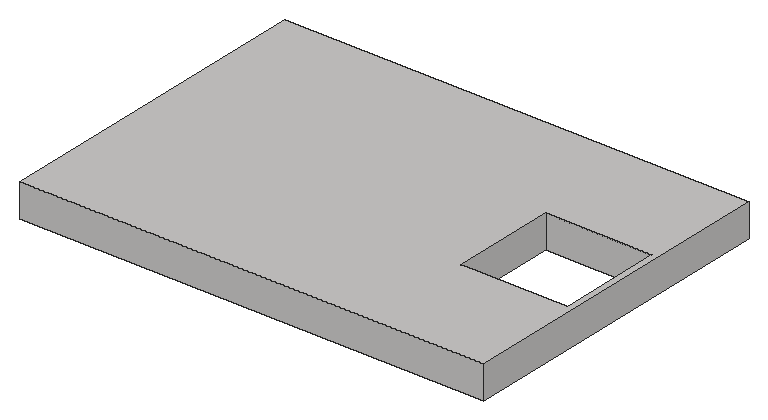
Revit family "G805-001 CAB72", category Mechanical Equipment, Revit 2012
Parameters (values of type "50 TON")
  Water Outlet Radius = 0' - 1 9/16"
  Water Inlet Radius = 0' - 1 9/16"
  URL = "http://www.desert-aire.com/"
  Type Comments = ""
  Outdoor Unit = yes
  Model = "G805-001"
  Manufacturer = "DESERT AIRE"
  Description = "NON-PACKAGED"
  Curb Height [instance] = 0' - 8"
  Cost = 0
Types (4): name | Water Outlet Radius | Water Inlet Radius
  (no name) | 0' - 1 9/16" | 0' - 1 9/16"
  50 TON | 0' - 1 9/16" | 0' - 1 9/16"
  56 TON | 0' - 1 13/16" | 0' - 1 13/16"
  60 TON | 0' - 1 13/16" | 0' - 1 13/16"
Reference planes (in)
  plane 1: y = 0
  plane 2: z = 0
  plane 3: x = 0
  plane 4: z = 8
  plane 5: z = 89.595
Forms (in)
  Extrusion 1, solid, material "Steel"
    sketch origin (-10.97373, 0, 0) x (1, 0, 0) y (0, 1, 0)
      loop
        line (-31.64482, 38.16047) -> (-31.64482, -41.33953) -> (79.98018, -41.33953) -> (79.98018, 38.16047) -> (-31.64482, 38.16047)
      loop
        line (52.89251, 11.01487) -> (52.89251, -14.45101) -> (78.52667, -14.45101) -> (78.52667, 11.01487) -> (52.89251, 11.01487)
    from 0 to 8
Dimensions and locks (in)
  "Curb Height": plane 4 to plane 2
  locked: plane 5 to plane 4 at 81.595
  aligned and locked: Extrusion 1 to plane 2
  aligned and locked: plane 4 to Extrusion 1
  aligned and locked: import instance to import instance  (x2)
  aligned and locked: plane 4 to import instance
  aligned and locked: import instance to plane 5
Automatic sketch dimensions
  Extrusion 1 sketch curve to plane 3 = 3' - 6.61855"
  plane 1 to Extrusion 1 sketch curve = 1' - 2.45101"
  plane 3 to Extrusion 1 sketch curve = 3' - 5.91878"
  Extrusion 1 sketch curve to plane 1 = 0' - 11.01487"
  Extrusion 1 sketch curve to Extrusion 1 sketch curve = 2' - 1.63416"
  Extrusion 1 sketch curve to Extrusion 1 sketch curve = 0' - 1.45352"
  Extrusion 1 sketch curve to Extrusion 1 sketch curve = 2' - 2.88852"
  Extrusion 1 sketch curve to Extrusion 1 sketch curve = 2' - 3.14559"
Connectors (in)
  piping at (0.0525, -0.91043, 0)
    settings: on Extrusion 1, index 5, connector radius 3", flow factor 0, pipe flow 0 GPM, pressure drop 0.00 psi, fitting loss kfactor 0, connector angle 0.00°, fixture units 0, engagement length 0' - 0", flow configuration 0, flow direction 0, fitting loss method 0, system type 22, joint type 0, gender type 0, connector reference index -1, connector utility 0, adjustable connector no, is connector primary yes, fitting loss table "", connector description "BOTTOM CONDENSATE"
  hvac at (61.58143, -1.83998, 90.425)
    settings: on import instance, index 21, duct flow 0 CFM, flow factor 0, pres drop 0.00 in-wg, loss coef 0, conn angle 0.00°, conn width 25 3/8", conn height 25 1/4", conn radius 12", duct sys type 1, conn prof type 1, flow config 0, flow direction 0, loss method 0, conn ref index -1, conn util no, is conn primary yes, conn desc "SUPPLY DISCHARGE"
  piping at (-0.35311, -45.57366, 14.37179)
    settings: on import instance, index 22, connector radius 1/2", flow factor 0, pipe flow 0 GPM, pressure drop 0.00 psi, fitting loss kfactor 0, connector angle 0.00°, fixture units 0, engagement length 0' - 0", flow configuration 0, flow direction 0, fitting loss method 0, system type 22, joint type 0, gender type 0, connector reference index -1, connector utility 0, adjustable connector no, is connector primary no, fitting loss table "", connector description "LEFT SIDE CONDENSATE"
  piping at (24.89689, -45.57366, 14.37179)
    settings: on import instance, index 23, connector radius 9/16", flow factor 0, pipe flow 0 GPM, pressure drop 0.00 psi, fitting loss kfactor 0, connector angle 0.00°, fixture units 0, engagement length 0' - 0", flow configuration 0, flow direction 0, fitting loss method 0, system type 7, joint type 0, gender type 0, connector reference index -1, connector utility 0, adjustable connector no, is connector primary no, fitting loss table "", connector description "LEFT SIDE RC DISCHARGE CONNECTION LOCATION"
  piping at (24.89689, -45.57366, 16.62179)
    settings: on import instance, index 24, connector radius 7/16", flow factor 0, pipe flow 0 GPM, pressure drop 0.00 psi, fitting loss kfactor 0, connector angle 0.00°, fixture units 0, engagement length 0' - 0", flow configuration 0, flow direction 0, fitting loss method 0, system type 7, joint type 0, gender type 0, connector reference index -1, connector utility 0, adjustable connector no, is connector primary no, fitting loss table "", connector description "LEFT SIDE RC RETURN CONNECTION LOCATION"
  piping at (24.89689, -45.57366, 22.62179), driven by "Water Inlet Radius"
    settings: on import instance, index 25, connector radius 1 9/16", flow factor 0, pipe flow 0 GPM, pressure drop 0.00 psi, fitting loss kfactor 0, connector angle 0.00°, fixture units 0, engagement length 0' - 0", flow configuration 0, flow direction 0, fitting loss method 0, system type 20, joint type 0, gender type 0, connector reference index -1, connector utility 0, adjustable connector no, is connector primary no, fitting loss table "", connector description "LEFT SIDE WATER INLET CONNECTION LOCATION"
  piping at (24.89689, -45.57366, 26.37179), driven by "Water Outlet Radius"
    settings: on import instance, index 26, connector radius 1 9/16", flow factor 0, pipe flow 0 GPM, pressure drop 0.00 psi, fitting loss kfactor 0, connector angle 0.00°, fixture units 0, engagement length 0' - 0", flow configuration 0, flow direction 0, fitting loss method 0, system type 20, joint type 0, gender type 0, connector reference index -1, connector utility 0, adjustable connector no, is connector primary no, fitting loss table "", connector description "LEFT SIDE WATER OUTLET CONNECTION LOCATION"
  hvac at (75.2622, -1.83945, 28.38187)
    settings: on import instance, index 27, duct flow 0 CFM, flow factor 0, pres drop 0.00 in-wg, loss coef 0, conn angle 0.00°, conn width 25 1/4", conn height 25 3/8", conn radius 12", duct sys type 1, conn prof type 1, flow config 0, flow direction 0, loss method 0, conn ref index -1, conn util no, is conn primary no, conn desc "SUPPLY DISCHARGE"
  electrical at (75.3222, -35.67416, 80.40551)
    settings: on import instance, index 28, voltage 0 V, apparent load 0 VA, apparent load phase1 0 VA, apparent load phase2 0 VA, apparent load phase3 0 VA, power factor 1, load classification "Other", number of poles 1, system type 30, power factor state 1, is connector primary yes, connector utility no, sub classification motor no, connector description "OPTIONAL DISCONNECT LOCATION"
  hvac at (-49.9178, -0.67421, 51.55828)
    settings: on import instance, index 29, duct flow 0 CFM, flow factor 0, pres drop 0.00 in-wg, loss coef 0, conn angle 0.00°, conn width 71 7/8", conn height 75 1/2", conn radius 12", duct sys type 3, conn prof type 1, flow config 0, flow direction 0, loss method 0, conn ref index -1, conn util no, is conn primary no, conn desc "O/A INTAKE"
  hvac at (54.64914, -1.68256, 14)
    settings: on import instance, index 30, duct flow 0 CFM, flow factor 0, pres drop 0.00 in-wg, loss coef 0, conn angle 0.00°, conn width 25 1/4", conn height 25 3/8", conn radius 12", duct sys type 1, conn prof type 1, flow config 0, flow direction 0, loss method 0, conn ref index -1, conn util no, is conn primary no, conn desc "SUPPLY DISCHARGE"
  piping at (-0.42752, 41.92634, 14.3753)
    settings: on import instance, index 31, connector radius 1/2", flow factor 0, pipe flow 0 GPM, pressure drop 0.00 psi, fitting loss kfactor 0, connector angle 0.00°, fixture units 0, engagement length 0' - 0", flow configuration 0, flow direction 0, fitting loss method 0, system type 22, joint type 0, gender type 0, connector reference index -1, connector utility 0, adjustable connector no, is connector primary no, fitting loss table "", connector description "RIGHT SIDE CONDENSATE"
  piping at (24.90738, 41.92634, 14.42478)
    settings: on import instance, index 32, connector radius 9/16", flow factor 0, pipe flow 0 GPM, pressure drop 0.00 psi, fitting loss kfactor 0, connector angle 0.00°, fixture units 0, engagement length 0' - 0", flow configuration 0, flow direction 0, fitting loss method 0, system type 7, joint type 0, gender type 0, connector reference index -1, connector utility 0, adjustable connector no, is connector primary no, fitting loss table "", connector description "RIGHT SIDE RC DISCHARGE CONNECTION LOCATION"
  piping at (24.90738, 41.92634, 16.64502)
    settings: on import instance, index 33, connector radius 7/16", flow factor 0, pipe flow 0 GPM, pressure drop 0.00 psi, fitting loss kfactor 0, connector angle 0.00°, fixture units 0, engagement length 0' - 0", flow configuration 0, flow direction 0, fitting loss method 0, system type 8, joint type 0, gender type 0, connector reference index -1, connector utility 0, adjustable connector no, is connector primary no, fitting loss table "", connector description "RIGHT SIDE RC RETURN CONNECTION LOCATION"
  piping at (24.93355, 41.92634, 22.63679), driven by "Water Inlet Radius"
    settings: on import instance, index 34, connector radius 1 9/16", flow factor 0, pipe flow 0 GPM, pressure drop 0.00 psi, fitting loss kfactor 0, connector angle 0.00°, fixture units 0, engagement length 0' - 0", flow configuration 0, flow direction 0, fitting loss method 0, system type 20, joint type 0, gender type 0, connector reference index -1, connector utility 0, adjustable connector no, is connector primary no, fitting loss table "", connector description "RIGHT SIDE WATER INLET CONNECTION LOCATION"
  piping at (24.93355, 41.92634, 26.38679), driven by "Water Outlet Radius"
    settings: on import instance, index 35, connector radius 1 9/16", flow factor 0, pipe flow 0 GPM, pressure drop 0.00 psi, fitting loss kfactor 0, connector angle 0.00°, fixture units 0, engagement length 0' - 0", flow configuration 0, flow direction 0, fitting loss method 0, system type 20, joint type 0, gender type 0, connector reference index -1, connector utility 0, adjustable connector no, is connector primary no, fitting loss table "", connector description "RIGHT SIDE WATER OUTLET CONNECTION LOCATION"
